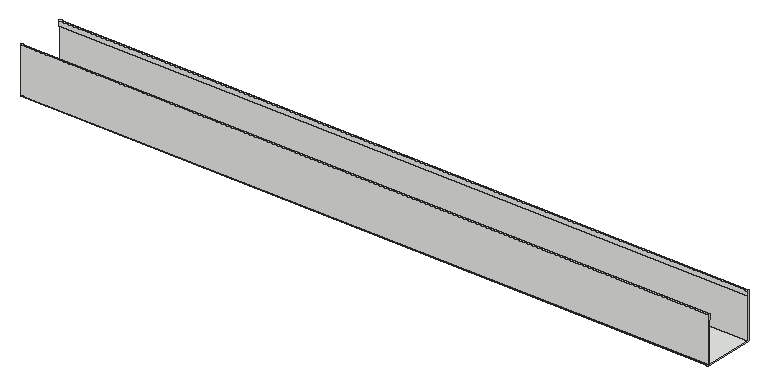
Revit family "profiles PR780 2015", category Generic Models, Revit 2015
Parameters (values of type "ISOLAMIN PR780 flashing")
  Profile Length [instance] = 1180 mm
Reference planes
  plane 1 "Center (Front/Back)": y = 0
  plane 2: z = 0
  plane 3 "Center (Left/Right)": x = 0
  plane 4: x = 1180
Forms (mm)
  Extrusion 1, solid, material "ISOLAMIN Surface Material"
    sketch origin (0, 27.975, -65.16) x (0, 1, 0) y (0, 0, 1)
      loop
        arc (-29.224, 65.295) -> (-28.517, 65.588) -> (-28.224, 66.295) r 1
        line (-28.224, 66.295) -> (-28.224, 144.551)
        arc (-28.224, 144.551) -> (-29.224, 145.295) -> (-30.224, 144.551) r 1.044
        line (-30.224, 144.551) -> (-30.224, 135.995) -> (-29.224, 135.995) -> (-29.224, 66.295) -> (-112.224, 66.295) -> (-112.224, 135.995) -> (-111.224, 135.995) -> (-111.224, 144.551)
        arc (-111.224, 144.551) -> (-112.224, 145.295) -> (-113.224, 144.551) r 1.044
        line (-113.224, 144.551) -> (-113.224, 66.295)
        arc (-113.224, 66.295) -> (-112.931, 65.588) -> (-112.224, 65.295) r 1
        line (-112.224, 65.295) -> (-29.224, 65.295)
    from 0 to 1180
Dimensions and locks
  "Profile Length": plane 3 "Center (Left/Right)" to plane 4
  aligned and locked: level to plane 2
  aligned and locked: plane 4 to Extrusion 1
Automatic sketch dimensions
  plane 1 "Center (Front/Back)" to Extrusion 1 sketch curve = 1.25 mm
  level to Extrusion 1 sketch curve = 0.134 mm
  Extrusion 1 sketch curve to Extrusion 1 sketch curve = 1 mm  (x5)
  Extrusion 1 sketch curve to Extrusion 1 sketch curve = 83 mm
  Extrusion 1 sketch curve to Extrusion 1 sketch curve = 0 mm  (x4)
  Extrusion 1 sketch curve to Extrusion 1 sketch curve = 69.7 mm
  Extrusion 1 sketch curve to Extrusion 1 sketch curve = 8.556 mm  (x2)
  Extrusion 1 sketch curve to Extrusion 1 sketch curve = 78.256 mm
  Extrusion 1 sketch curve to Extrusion 1 sketch curve = 0.3 mm  (x2)
